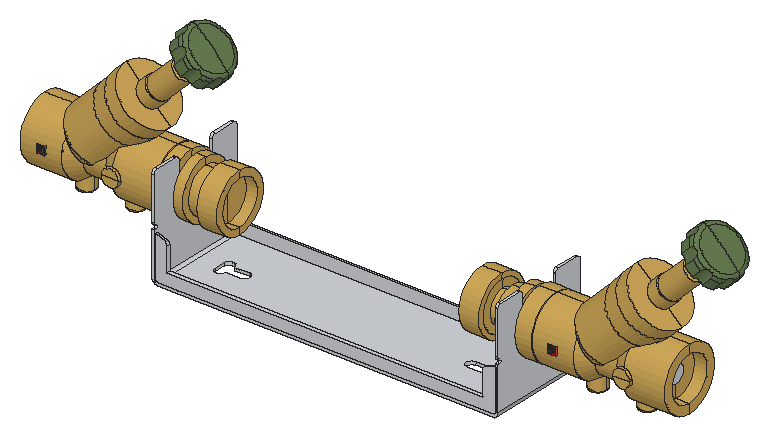
Revit family "HERZ Kit For Connection Of Water Meters 4126", category Rohrzubehör, Revit 2021
Family settings
  Bemaßung runder Anschluss = Durchmesser verwenden
  Teiletyp = Unterbricht
  OmniClass-Nummer = 23.65.55.14
  OmniClass-Titel = Valves for Liquid Services
  Arbeitsebenenbasiert = Nein
  Immer vertikal = Ja
  Beim Laden mit Abzugskörper schneiden = Nein
  Gemeinsam genutzt = Nein
Parameters
  Vorgabe-Ansicht = 0.000 mm
  Upper part = "DZR brass CC752S"  # constant formula
  Spring = "stainless steel 1.4310"  # constant formula
  Spindle seals = "double O-Ring"  # constant formula
  Sealing = "physiologically harmless material acc. to KTW"  # constant formula
  Operating pressure from the backflow preventer = "acc. to DIN EN 13959"  # constant formula
  W01 = 20.00°  # constant formula
  URL = "www.herzvalves.com"
  T03 [instance] = R02 - 3.000 mm  # 54.500 mm
  T02 = 17.000 mm  # constant formula
  T01 = 3.000 mm  # constant formula
  SW03 [instance] = size_lookup("4126W_", "SW3", 1.000 mm, Nennweite AG)  # 32.500 mm
  SW02 [instance] = size_lookup("4126W_", "SW2", 1.000 mm, Nennweite AG)  # 32.500 mm
  SW01 [instance] = size_lookup("4126W_", "SW1", 1.000 mm, Nennweite AG)  # 35.000 mm
  SC_NennweiteBerechnet = 0
  SC_Dimension = ""
  SCTWSEQ = "AW;SBT_TYP_AW=\"105\";2"
  SCTWCODE = "02;01;02"  # constant formula
  S05 [instance] = L02 + L12 - L03  # 214.500 mm
  S04 [instance] = L02 + L04 - L03  # 211.500 mm
  S03 = 10.000 mm  # constant formula
  S02 [instance] = Nennweite IG  # 50.000 mm
  S01 [instance] = L01 - L03  # 56.000 mm
  S = 3.000 mm  # constant formula
  R50 = 4.000 mm  # constant formula
  R02 [instance] = size_lookup("4126W_", "R2", 1.000 mm, Nennweite AG)  # 57.500 mm
  R01 [instance] = size_lookup("4126W_", "R1", 1.000 mm, Nennweite AG)  # 24.000 mm
  Part number [instance] = size_lookup("4126W_", "Artnr", 0, Nennweite AG)  # 2412666
  Note = "Pursuant to Article 33 of the REACH Regulation (EC No. 1907/2006), we are obliged to point out that the material lead is listed on the SVHC list and that all brass components manufactured in our products exceed 0.1% (w / w) lead (CAS: 7439-92-1 / EINECS: 231-100-4).\r\nSince lead is a component part of an alloy, actual exposure is not possible and therefore no additional information on safe use is necessary."
  Nennweite IG [instance] = size_lookup("4126W_", "DN1", 1.000 mm, Nennweite AG)  # 50.000 mm
  Nennweite AG [instance] = 50.000 mm
  Medium = "Water"  # constant formula
  Max. operating temperature = 80 °C  # constant formula
  Max. operating pressure = 1600000.0 Pa  # constant formula
  Max. differential pressure on closed seat = 1000000.0 Pa  # constant formula
  L99 [instance] = size_lookup("4126W_", "L99", 1.000 mm, Nennweite AG)  # 300.000 mm
  L15 = 2.000 mm  # constant formula
  L14 [instance] = size_lookup("4126W_", "L14", 1.000 mm, Nennweite AG)  # 64.000 mm
  L13 [instance] = size_lookup("4126W_", "L13", 1.000 mm, Nennweite AG)  # 54.500 mm
  L12 [instance] = size_lookup("4126W_", "L12", 1.000 mm, Nennweite AG)  # 39.500 mm
  L11 [instance] = size_lookup("4126W_", "L11", 1.000 mm, Nennweite AG)  # 70.000 mm
  L10 [instance] = size_lookup("4126W_", "L10", 1.000 mm, Nennweite AG)  # 15.000 mm
  L09 [instance] = size_lookup("4126W_", "L9", 1.000 mm, Nennweite AG)  # 25.500 mm
  L08 [instance] = size_lookup("4126W_", "L8", 1.000 mm, Nennweite AG)  # 13.400 mm
  L07 [instance] = size_lookup("4126W_", "L7", 1.000 mm, Nennweite AG)  # 22.000 mm
  L06 [instance] = size_lookup("4126W_", "L6", 1.000 mm, Nennweite AG)  # 25.000 mm
  L05 [instance] = size_lookup("4126W_", "L5", 1.000 mm, Nennweite AG)  # 35.500 mm
  L04 [instance] = size_lookup("4126W_", "L4", 1.000 mm, Nennweite AG)  # 36.500 mm
  L03 [instance] = size_lookup("4126W_", "L3", 1.000 mm, Nennweite AG)  # 21.000 mm
  L02 [instance] = (L00 / 2) + 1.000 mm  # 196.000 mm
  L01 [instance] = size_lookup("4126W_", "L1", 1.000 mm, Nennweite AG)  # 77.000 mm
  L00 [instance] = size_lookup("4126W_", "L", 1.000 mm, Nennweite AG)  # 390.000 mm
  Connections = "DZR brass CW262N"  # constant formula
  Hersteller = "HERZ Armaturen Ges.m.b.H."  # constant formula
  Hand wheel = "plastic, green"  # constant formula
  H01 [instance] = 75.000 mm  # constant formula
  H00 [instance] = 115.000 mm  # constant formula
  Occasional temperature rises = "up to 95°C, if they do not last longer than 1 h"  # constant formula
  G2 [instance] = Nennweite IG / 2  # 25.000 mm
  G1 [instance] = Nennweite AG / 2  # 25.000 mm
  DN50 [instance] = Nennweite AG = 50.000 mm  # yes
  DN40 [instance] = Nennweite AG = 40.000 mm  # no
  DN32 [instance] = Nennweite AG = 32.000 mm  # no
  DN25 [instance] = Nennweite AG = 25.000 mm  # no
  DN20 [instance] = Nennweite AG = 20.000 mm  # no
  D06 [instance] = size_lookup("4126W_", "D6", 1.000 mm, Nennweite AG)  # 21.500 mm
  D05 [instance] = size_lookup("4126W_", "D5", 1.000 mm, Nennweite AG)  # 27.000 mm
  D04 [instance] = size_lookup("4126W_", "D4", 1.000 mm, Nennweite AG)  # 18.200 mm
  D03 [instance] = size_lookup("4126W_", "D3", 1.000 mm, Nennweite AG)  # 25.000 mm
  D02 [instance] = size_lookup("4126W_", "D2", 1.000 mm, Nennweite AG)  # 25.000 mm
  D01 [instance] = size_lookup("4126W_", "D1", 1.000 mm, Nennweite AG)  # 22.500 mm
  Bracket = "galvanized sheet steel"  # constant formula
  Body = "DZR brass CC752S"  # constant formula
  Application = "The connection kit is used for mounting the water meter free of any tension or mechanical forces.\r\nThe HERZ – Kit for connection of water meters fulfills the requirements according to DIN 1988."
  ABvor [instance] = size_lookup("4126W_", "ABvor", 1.000 mm, Nennweite AG)  # 346.500 mm
  ABnach [instance] = size_lookup("4126W_", "ABnach", 1.000 mm, Nennweite AG)  # 349.500 mm
Reference planes
  plane 1 "Mitte (Vorne/hinten)": y = 0
  plane 2: z = 0
  plane 3 "Mitte (Links/rechts)": x = 0
Forms (mm)
  Extrusion 1, solid, detail levels fine
    sketch origin (0, 0, 0) x (1, 0, 0) y (0, 0, 1)
      loop
        line (195, 40) -> (192, 40) -> (192, -69)
        arc (192, -69) -> (191.121, -71.121) -> (189, -72) r 3
        line (189, -72) -> (-189, -72)
        arc (-189, -72) -> (-191.121, -71.121) -> (-192, -69) r 3
        line (-192, -69) -> (-192, 40) -> (-195, 40) -> (-195, -69)
        arc (-195, -69) -> (-193.243, -73.243) -> (-189, -75) r 6
        line (-189, -75) -> (189, -75)
        arc (189, -75) -> (193.243, -73.243) -> (195, -69) r 6
        line (195, -69) -> (195, 40)
    from -57.5 to 57.5
  Extrusion 2, solid, detail levels fine
    sketch origin (0, 0, 0) x (1, 0, 0) y (0, 0, 1)
      loop
        line (-192, -23.301) -> (-192, -69)
        arc (-192, -69) -> (-191.121, -71.121) -> (-189, -72) r 3
        line (-189, -72) -> (189, -72)
        arc (189, -72) -> (191.121, -71.121) -> (192, -69) r 3
        line (192, -69) -> (192, -23.301) -> (180.632, -27.439)
        arc (180.632, -27.439) -> (178.723, -28.904) -> (178, -31.198) r 4
        line (178, -31.198) -> (178, -58) -> (-178, -58) -> (-178, -31.198)
        arc (-178, -31.198) -> (-178.723, -28.904) -> (-180.632, -27.439) r 4
        line (-180.632, -27.439) -> (-192, -23.301)
    from -57.5 to -54.5
  Extrusion 3, void
    sketch origin (0, 0, 0) x (0, 1, 0) y (0, 0, 1)
      loop
        arc (-24, 0) -> (0, -24) -> (24, 0) r 24
        line (24, 0) -> (24, 36)
        arc (24, 36) -> (25.172, 38.828) -> (28, 40) r 4
        line (28, 40) -> (53.5, 40)
        arc (53.5, 40) -> (56.328, 38.828) -> (57.5, 36) r 4
        line (57.5, 36) -> (57.5, -13)
        arc (57.5, -13) -> (56.621, -15.121) -> (54.5, -16) r 3
        arc (54.5, -16) -> (52.5, -18) -> (54.5, -20) r 2
        line (54.5, -20) -> (65.5, -20) -> (65.5, 45) -> (-65.5, 45) -> (-65.5, -20) -> (-54.5, -20)
        arc (-54.5, -20) -> (-52.5, -18) -> (-54.5, -16) r 2
        arc (-54.5, -16) -> (-56.621, -15.121) -> (-57.5, -13) r 3
        line (-57.5, -13) -> (-57.5, 36)
        arc (-57.5, 36) -> (-56.328, 38.828) -> (-53.5, 40) r 4
        line (-53.5, 40) -> (-28, 40)
        arc (-28, 40) -> (-25.172, 38.828) -> (-24, 36) r 4
        line (-24, 36) -> (-24, 0)
    from 300 to -300
  Extrusion 4, void
    sketch origin (0, 0, 0) x (1, 0, 0) y (0, 1, 0)
      loop
        arc (119.097, 6.1) -> (112.997, 0) -> (119.097, -6.1) r 6.1
        line (119.097, -6.1) -> (158.897, -6.1)
        arc (158.897, -6.1) -> (164.997, 0) -> (158.897, 6.1) r 6.1
        line (158.897, 6.1) -> (119.097, 6.1)
      loop
        line (-165, 6.1) -> (-165, -6.1)
        arc (-165, -6.1) -> (-158.9, -12.2) -> (-152.8, -6.1) r 6.1
        line (-152.8, -6.1) -> (-136.1, -6.1)
        arc (-136.1, -6.1) -> (-130, 0) -> (-136.1, 6.1) r 6.1
        line (-136.1, 6.1) -> (-152.8, 6.1)
        arc (-152.8, 6.1) -> (-158.9, 12.2) -> (-165, 6.1) r 6.1
    from -75 to -72
  Revolve 5, solid, material "Messing, weicher Gelbton, geschweißt", detail levels fine
    sketch origin (0, 0, 0) x (1, 0, 0) y (0, 0, 1)
      loop
        line (-232.5, 0) -> (-155.5, 0) -> (-155.5, 25) -> (-180.5, 25) -> (-180.5, 32.5) -> (-191, 32.5) -> (-191, 22.5) -> (-196, 22.5) -> (-196, 35) -> (-211.5, 35) -> (-211.5, 25) -> (-232.5, 25) -> (-232.5, 0)
      axis (-232.5, 0) -> (-155.5, 0)
    angle from 0 to 360
  Revolve 6, solid, material "Messing, weicher Gelbton, geschweißt", detail levels fine
    sketch origin (0, 0, 0) x (1, 0, 0) y (0, 0, 1)
      loop
        line (-164.1, 0) -> (-155.5, 0) -> (-155.5, 25) -> (-142.1, 25) -> (-142.1, 32.5) -> (-164.1, 32.5) -> (-164.1, 0)
      axis (-164.1, 0) -> (-142.1, 0)
    angle from 0 to 360
  Revolve 7, solid, material "Messing, weicher Gelbton, geschweißt", detail levels fine
    sketch origin (0, 0, 0) x (-1, 0, 0) y (0, 0, 1)
      loop
        line (-235.5, 0) -> (-198, 0) -> (-198, 18.2) -> (-165.5, 18.2) -> (-165.5, 25) -> (-180.5, 25) -> (-180.5, 32.5) -> (-191, 32.5) -> (-191, 22.5) -> (-196, 22.5) -> (-196, 35) -> (-214.5, 35) -> (-214.5, 25) -> (-235.5, 25) -> (-235.5, 0)
      axis (-235.5, 0) -> (-165.5, 0)
    angle from 0 to 360
  Revolve 8, solid, material "Messing, weicher Gelbton, geschweißt", detail levels fine
    sketch origin (0, 0, 0) x (1, 0, 0) y (0, 0, 1)
      loop
        line (208.5, 0) -> (208.5, 18.2) -> (154, 18.2) -> (154, 27) -> (146.5, 27) -> (146.5, 21.5) -> (144.5, 21.5) -> (144.5, 0) -> (208.5, 0)
      axis (144.5, 0) -> (208.5, 0)
    angle from 0 to 360
  Revolve 9, solid, material "Messing, weicher Gelbton, geschweißt", detail levels fine
    sketch origin (-18.22, 0, 0) x (-1, 0, 0) y (0, 0, 1)
      loop
        line (-171.32, 0) -> (-162.72, 0) -> (-162.72, 25) -> (-149.32, 25) -> (-149.32, 32.5) -> (-171.32, 32.5) -> (-171.32, 0)
      axis (-171.32, 0) -> (-149.32, 0)
    angle from 0 to 360
  Extrusion 10, solid, detail levels fine
    sketch origin (0, 0, 0) x (1, 0, 0) y (0, 0, 1)
      loop
        line (-192, -23.301) -> (-192, -69)
        arc (-192, -69) -> (-191.121, -71.121) -> (-189, -72) r 3
        line (-189, -72) -> (189, -72)
        arc (189, -72) -> (191.121, -71.121) -> (192, -69) r 3
        line (192, -69) -> (192, -23.301) -> (180.632, -27.439)
        arc (180.632, -27.439) -> (178.723, -28.904) -> (178, -31.198) r 4
        line (178, -31.198) -> (178, -58) -> (-178, -58) -> (-178, -31.198)
        arc (-178, -31.198) -> (-178.723, -28.904) -> (-180.632, -27.439) r 4
        line (-180.632, -27.439) -> (-192, -23.301)
    from 54.5 to 57.5
  Extrusion 11, solid, detail levels fine
    sketch origin (55, 0, 0) x (0, 1, 0) y (0, 0, -1)
      loop
        circle (0, 0) r 10
    from 398.5 to 401.5
  Extrusion 12, solid, detail levels fine
    sketch origin (125, 0, 0) x (0, 1, 0) y (0, 0, -1)
      loop
        circle (0, 0) r 10
    from -224.5 to -221.5
Cuts and joins
  Extrusion 3, Extrusion 4 cuts Extrusion 1
Lines and regions (mm)
  model lines, detail levels coarse+medium
    curve 1: line (-211.5, 0, 0) -> (-155.5, 0, 0)
    curve 2: line (-155.5, 0, 25) -> (-155.5, 0, -25)
    curve 3: line (-155.5, 0, 25) -> (-165.5, 0, 25)
    curve 4: line (-165.5, 0, 25) -> (-155.5, 0, 0)
    curve 5: line (-155.5, 0, -25) -> (-165.5, 0, -25)
    curve 6: line (-165.5, 0, -25) -> (-155.5, 0, 0)
    curve 7: line (144.5, 0, 25) -> (144.5, 0, -25)
    curve 8: line (144.5, 0, 25) -> (154.5, 0, 25)
    curve 9: line (154.5, 0, 25) -> (144.5, 0, 0)
    curve 10: line (144.5, 0, -25) -> (154.5, 0, -25)
    curve 11: line (154.5, 0, -25) -> (144.5, 0, 0)
    curve 12: line (214.5, 0, 0) -> (144.5, 0, 0)
    curve 13: line (144.5, -25, 0) -> (144.5, 25, 0)
    curve 14: line (144.5, 25, 0) -> (154.5, 25, 0)
    curve 15: line (154.5, 25, 0) -> (144.5, 0, 0)
    curve 16: line (144.5, -25, 0) -> (154.5, -25, 0)
    curve 17: line (154.5, -25, 0) -> (144.5, 0, 0)
    curve 18: line (-155.5, -25, 0) -> (-155.5, 25, 0)
    curve 19: line (-155.5, 25, 0) -> (-165.5, 25, 0)
    curve 20: line (-165.5, 25, 0) -> (-155.5, 0, 0)
    curve 21: line (-155.5, -25, 0) -> (-165.5, -25, 0)
    curve 22: line (-165.5, -25, 0) -> (-155.5, 0, 0)
Dimensions and locks
  "H00": Extrusion 1 sketch curve to Extrusion 1 sketch curve  (x2)
  "T01": Extrusion 1 sketch curve to Extrusion 1 sketch curve  (x3)
  "L00": Extrusion 1 sketch curve to Extrusion 1 sketch curve
  equal spacing: Extrusion 1 sketch curve, plane 3 "Mitte (Links/rechts)", Extrusion 1 sketch curve
  "H01": plane 2 to Extrusion 1 sketch curve
  "T02": Extrusion 2 sketch curve to Extrusion 1
  "T02": Extrusion 1 to Extrusion 2 sketch curve  (x2)
  Extrusion 4 sketch curve to cut or joined group of Extrusion 1, Extrusion 3, Extrusion 4 = 36.103 mm
  Extrusion 4 sketch curve to Extrusion 4 sketch curve = 39.800 mm
  equal spacing: Extrusion 4 sketch curve, plane 1 "Mitte (Vorne/hinten)", Extrusion 4 sketch curve
  Extrusion 4 sketch curve to Extrusion 4 sketch curve = 12.200 mm
  cut or joined group of Extrusion 1, Extrusion 3, Extrusion 4 to Extrusion 4 sketch curve = 36.100 mm
  cut or joined group of Extrusion 1, Extrusion 3, Extrusion 4 to Extrusion 4 sketch curve = 58.900 mm
  "G1": Revolve 5 sketch curve to Revolve 5 sketch curve
  "L03": Revolve 5 sketch curve to Revolve 5 sketch curve
  "L01": Revolve 5 sketch curve to Revolve 5 sketch curve
  "L02": plane 3 "Mitte (Links/rechts)" to Revolve 5 sketch curve
  "SW01": Revolve 5 sketch curve to Revolve 5 sketch curve
  "SW02": Revolve 5 sketch curve to Revolve 5 sketch curve
  "D01": Revolve 5 sketch curve to Revolve 5 sketch curve
  "L04": Revolve 5 sketch curve to Revolve 5 sketch curve
  "L05": Revolve 5 sketch curve to Revolve 5 sketch curve
  "L06": Revolve 5 sketch curve to Revolve 5 sketch curve
  "D02": Revolve 5 sketch curve to Revolve 5 sketch curve
  "L07": Revolve 6 sketch curve to Revolve 6 sketch curve
  "SW03": Revolve 6 sketch curve to plane 2
  "G2": Revolve 6 sketch curve to plane 2
  "L08": Revolve 6 sketch curve to Revolve 5
  "L08": Revolve 6 sketch curve to Revolve 6 sketch curve
  "G1": Revolve 7 sketch curve to Revolve 7 sketch curve
  "L03": Revolve 7 sketch curve to Revolve 7 sketch curve
  "L11": Revolve 7 sketch curve to Revolve 7 sketch curve
  "SW01": Revolve 7 sketch curve to Revolve 7 sketch curve
  "SW02": Revolve 7 sketch curve to Revolve 7 sketch curve
  "D01": Revolve 7 sketch curve to Revolve 7 sketch curve
  "L12": Revolve 7 sketch curve to Revolve 7 sketch curve
  "L09": Revolve 7 sketch curve to Revolve 7 sketch curve
  "L10": Revolve 7 sketch curve to Revolve 7 sketch curve
  "D03": Revolve 7 sketch curve to Revolve 7 sketch curve
  "L02": plane 3 "Mitte (Links/rechts)" to Revolve 7 sketch curve
  "D04": Revolve 7 sketch curve to plane 2
  "D04": Revolve 8 sketch curve to Revolve 8 sketch curve
  "L13": Revolve 8 sketch curve to Revolve 8 sketch curve
  "L14": Revolve 8 sketch curve to Revolve 8 sketch curve
  "L15": Revolve 8 sketch curve to Revolve 8 sketch curve
  "D05": Revolve 8 sketch curve to Revolve 8 sketch curve
  "D06": Revolve 8 sketch curve to Revolve 8 sketch curve
  "L99": Revolve 5 to Revolve 8
  "L07": Revolve 9 sketch curve to Revolve 9 sketch curve
  "L08": Revolve 9 sketch curve to Revolve 9 sketch curve
  "L08": Revolve 8 to Revolve 9 sketch curve
  "T03": plane 1 "Mitte (Vorne/hinten)" to Extrusion 2
  "R02": cut or joined group of Extrusion 1, Extrusion 3, Extrusion 4 to plane 1 "Mitte (Vorne/hinten)" to cut or joined group of Extrusion 1, Extrusion 3, Extrusion 4
  "R02": plane 1 "Mitte (Vorne/hinten)" to Extrusion 2
  "R02": Extrusion 3 sketch curve to plane 1 "Mitte (Vorne/hinten)" to Extrusion 3 sketch curve
  "R01": Extrusion 3 sketch curve to plane 1 "Mitte (Vorne/hinten)" to Extrusion 3 sketch curve
  "T02": cut or joined group of Extrusion 1, Extrusion 3, Extrusion 4 to Extrusion 10 sketch curve  (x2)
  "T02": Extrusion 10 sketch curve to cut or joined group of Extrusion 1, Extrusion 3, Extrusion 4
  "T03": Extrusion 10 to plane 1 "Mitte (Vorne/hinten)"
  "R02": Extrusion 10 to plane 1 "Mitte (Vorne/hinten)"
  "G2": Revolve 9 sketch curve to plane 2
  "SW03": Revolve 9 sketch curve to level
  "S01": curve 1 to curve 1
  equal spacing: curve 2, plane 2, curve 2
  "S02": curve 2 to curve 2
  "S03": curve 4 to curve 2
  "S04": plane 3 "Mitte (Links/rechts)" to curve 1
  "S03": curve 6 to curve 2
  equal spacing: curve 7, plane 2, curve 7
  "S02": curve 7 to curve 7
  "S03": curve 9 to curve 7
  "S03": curve 11 to curve 7
  "S05": curve 12 to plane 3 "Mitte (Links/rechts)"
  "L99": curve 12 to curve 6
  equal spacing: curve 13, plane 1 "Mitte (Vorne/hinten)", curve 13
  "S02": curve 13 to curve 13
  "S03": curve 13 to curve 15
  "S03": curve 13 to curve 17
  equal spacing: curve 18, plane 1 "Mitte (Vorne/hinten)", curve 18
  "S02": curve 18 to curve 18
  "S03": curve 18 to curve 20
  "S03": curve 18 to curve 22
  "L99": curve 18 to Revolve 9
  "L99": Revolve 6 to curve 13
  "ABnach": Extrusion 12 to plane 3 "Mitte (Links/rechts)"
  "ABvor": plane 3 "Mitte (Links/rechts)" to Extrusion 11
  "S": Extrusion 11 to Extrusion 11
  "S": Extrusion 12 to Extrusion 12
  radius of Extrusion 4 sketch curve = 6.100 mm  (x3)
  "R50": radius of Extrusion 3 sketch curve  (x4)
  "W01": angle Extrusion 2 sketch curve to plane 2
  "W01": angle plane 2 to Extrusion 2 sketch curve
  "W01": angle Extrusion 10 sketch curve to plane 2
  "W01": angle plane 2 to Extrusion 10 sketch curve
  aligned and locked: level to plane 2
Automatic sketch dimensions
  plane 1 "Mitte (Vorne/hinten)" to Extrusion 4 sketch curve = 0.000 mm
  Extrusion 4 sketch curve to Extrusion 4 sketch curve = 0.000 mm  (x2)
  Extrusion 4 sketch curve to Extrusion 4 sketch curve = 6.100 mm
  Revolve 5 sketch curve to level = 0.000 mm  (x2)
  Revolve 5 sketch curve to Revolve 5 sketch curve = 1448.205 mm
  plane 3 "Mitte (Links/rechts)" to Revolve 5 sketch curve = 1739.472 mm
  Revolve 6 sketch curve to level = 0.000 mm  (x2)
  Revolve 6 sketch curve to Revolve 6 sketch curve = 1428.686 mm
  plane 3 "Mitte (Links/rechts)" to Revolve 6 sketch curve = 1839.148 mm
  Revolve 7 sketch curve to level = 0.000 mm  (x2)
  Revolve 7 sketch curve to Revolve 7 sketch curve = 2.000 mm
  Revolve 7 sketch curve to Revolve 7 sketch curve = 1448.205 mm
  plane 3 "Mitte (Links/rechts)" to Revolve 7 sketch curve = 1739.472 mm
  Revolve 9 sketch curve to level = 0.000 mm  (x2)
  Revolve 9 sketch curve to Revolve 9 sketch curve = 1428.686 mm
  plane 3 "Mitte (Links/rechts)" to Revolve 9 sketch curve = 1857.367 mm
  Extrusion 11 sketch curve to level = 0.000 mm
  Extrusion 11 sketch curve to plane 1 "Mitte (Vorne/hinten)" = 0.000 mm
  Extrusion 12 sketch curve to level = 0.000 mm
  Extrusion 12 sketch curve to plane 1 "Mitte (Vorne/hinten)" = 0.000 mm
  curve 12 to level = 0.000 mm
  curve 1 to level = 0.000 mm
  plane 1 "Mitte (Vorne/hinten)" to curve 15 = 0.000 mm
  plane 1 "Mitte (Vorne/hinten)" to curve 17 = 0.000 mm
  plane 1 "Mitte (Vorne/hinten)" to curve 20 = 0.000 mm
  plane 1 "Mitte (Vorne/hinten)" to curve 22 = 0.000 mm
  Extrusion 1 sketch curve to Extrusion 1 sketch curve = 0.000 mm  (x2)
  Extrusion 1 sketch curve to Extrusion 1 sketch curve = 3.000 mm  (x2)
  Extrusion 2 sketch curve to level = 27.439 mm  (x2)
  Extrusion 2 sketch curve to Extrusion 2 sketch curve = 2.632 mm  (x2)
  Extrusion 2 sketch curve to Extrusion 2 sketch curve = 4.000 mm  (x2)
  Extrusion 2 sketch curve to Extrusion 2 sketch curve = 11.000 mm  (x3)
  Extrusion 2 sketch curve to Extrusion 2 sketch curve = 11.368 mm
  Extrusion 2 sketch curve to level = 23.301 mm
  Extrusion 3 sketch curve to level = 0.000 mm
  Extrusion 3 sketch curve to Extrusion 3 sketch curve = 8.000 mm  (x2)
  Extrusion 3 sketch curve to Extrusion 3 sketch curve = 3.000 mm  (x2)
  Extrusion 3 sketch curve to level = 13.000 mm  (x2)
  Extrusion 3 sketch curve to Extrusion 3 sketch curve = 2.000 mm  (x3)
  Extrusion 3 sketch curve to Extrusion 3 sketch curve = 7.000 mm
  level to Extrusion 3 sketch curve = 36.000 mm  (x2)
  Extrusion 3 sketch curve to Extrusion 3 sketch curve = 9.000 mm
  Revolve 8 sketch curve to level = 0.000 mm  (x2)
  plane 3 "Mitte (Links/rechts)" to Revolve 8 sketch curve = 144.500 mm
  Revolve 8 sketch curve to plane 3 "Mitte (Links/rechts)" = 1506.530 mm
  Revolve 8 sketch curve to Revolve 8 sketch curve = 1759.148 mm
  Extrusion 10 sketch curve to level = 27.439 mm  (x2)
  Extrusion 10 sketch curve to Extrusion 10 sketch curve = 2.632 mm  (x2)
  Extrusion 10 sketch curve to Extrusion 10 sketch curve = 1.368 mm
  Extrusion 10 sketch curve to Extrusion 10 sketch curve = 11.000 mm  (x3)
  Extrusion 10 sketch curve to level = 23.301 mm
  Extrusion 10 sketch curve to Extrusion 10 sketch curve = 4.000 mm
  Extrusion 10 sketch curve to Extrusion 10 sketch curve = 11.368 mm
  radius of Extrusion 11 sketch curve = 10.000 mm
  radius of Extrusion 12 sketch curve = 10.000 mm
Nested families
  nested 1: "Rückflussverhinderer 4126" at (-182.5, 0, 0), visible <- "DN20", type "Rückflussverhinderer 4126"
    with S02 95.900 mm, S01 32.000 mm, R12 15.000 mm, R11 5.400 mm, R10 8.500 mm, R09 11.750 mm, R08 13.000 mm, R07 16.500 mm, R06 14.600 mm, R05 10.000 mm, R04 9.500 mm, R02 10.000 mm, R01 16.000 mm, Nennweite 20.000 mm, L16 12.000 mm, L15 12.400 mm, L14 8.000 mm, L12 33.500 mm, L11 12.500 mm, L10 11.000 mm, L09 15.500 mm, L08 30.100 mm, L07 13.500 mm, L06 34.500 mm, L05 26.500 mm, L04 25.500 mm, L02 8.000 mm, L01 24.000 mm, L00 75.000 mm, H01 26.400 mm, DN50 no, DN40 no, DN32 no, DN25-DN50 no, DN25 no, DN20 yes, DN15 no, Bestellnummer 2412602
  nested 2: "Rückflussverhinderer 4126" at (183.5, 0, 0), visible <- "DN20", type "Rückflussverhinderer 4126"
    with S02 95.900 mm, S01 32.000 mm, R12 15.000 mm, R11 5.400 mm, R10 8.500 mm, R09 11.750 mm, R08 13.000 mm, R07 16.500 mm, R06 14.600 mm, R05 10.000 mm, R04 9.500 mm, R02 10.000 mm, R01 16.000 mm, Nennweite 20.000 mm, L16 12.000 mm, L15 12.400 mm, L14 8.000 mm, L12 33.500 mm, L11 12.500 mm, L10 11.000 mm, L09 15.500 mm, L08 30.100 mm, L07 13.500 mm, L06 34.500 mm, L05 26.500 mm, L04 25.500 mm, L02 8.000 mm, L01 24.000 mm, L00 75.000 mm, H01 26.400 mm, DN50 no, DN40 no, DN32 no, DN25-DN50 no, DN25 no, DN20 yes, DN15 no, Bestellnummer 2412602
  nested 3: "Rückflussverhinderer 4126" at (-190, 0, 0), visible <- "DN25", type "Rückflussverhinderer 4126"
    with S02 113.800 mm, S01 41.000 mm, R12 19.500 mm, R11 6.000 mm, R10 9.000 mm, R09 12.750 mm, R08 14.000 mm, R07 20.000 mm, R06 17.750 mm, R05 12.500 mm, R04 9.500 mm, R02 12.500 mm, R01 20.500 mm, Nennweite 25.000 mm, L16 13.500 mm, L15 12.400 mm, L14 12.000 mm, L12 43.400 mm, L11 22.400 mm, L10 11.000 mm, L09 19.500 mm, L08 34.000 mm, L07 18.000 mm, L06 38.500 mm, L05 25.500 mm, L04 25.500 mm, L02 11.000 mm, L01 27.000 mm, L00 90.000 mm, H01 32.000 mm, DN50 no, DN40 no, DN32 no, DN25-DN50 yes, DN25 yes, DN20 no, DN15 no, Bestellnummer 2412603
  nested 4: "Rückflussverhinderer 4126" at (191, 0, 0), visible <- "DN25", type "Rückflussverhinderer 4126"
    with S02 113.800 mm, S01 41.000 mm, R12 19.500 mm, R11 6.000 mm, R10 9.000 mm, R09 12.750 mm, R08 14.000 mm, R07 20.000 mm, R06 17.750 mm, R05 12.500 mm, R04 9.500 mm, R02 12.500 mm, R01 20.500 mm, Nennweite 25.000 mm, L16 13.500 mm, L15 12.400 mm, L14 12.000 mm, L12 43.400 mm, L11 22.400 mm, L10 11.000 mm, L09 19.500 mm, L08 34.000 mm, L07 18.000 mm, L06 38.500 mm, L05 25.500 mm, L04 25.500 mm, L02 11.000 mm, L01 27.000 mm, L00 90.000 mm, H01 32.000 mm, DN50 no, DN40 no, DN32 no, DN25-DN50 yes, DN25 yes, DN20 no, DN15 no, Bestellnummer 2412603
  nested 5: "Rückflussverhinderer 4126" at (-200, 0, 0), visible <- "DN32", type "Rückflussverhinderer 4126"
    with S02 129.700 mm, S01 50.000 mm, R12 24.000 mm, R11 6.000 mm, R10 9.000 mm, R09 12.750 mm, R08 14.000 mm, R07 25.000 mm, R06 24.000 mm, R05 16.000 mm, R04 9.500 mm, R02 16.000 mm, R01 25.000 mm, Nennweite 32.000 mm, L16 16.500 mm, L15 12.400 mm, L14 12.000 mm, L12 47.300 mm, L11 26.300 mm, L10 11.000 mm, L09 10.000 mm, L08 52.700 mm, L07 20.000 mm, L06 60.000 mm, L05 28.600 mm, L04 27.500 mm, L02 7.500 mm, L01 33.000 mm, L00 110.000 mm, H01 39.000 mm, DN50 no, DN40 no, DN32 yes, DN25-DN50 yes, DN25 no, DN20 no, DN15 no, Bestellnummer 2412604
  nested 6: "Rückflussverhinderer 4126" at (201, 0, 0), visible <- "DN32", type "Rückflussverhinderer 4126"
    with S02 129.700 mm, S01 50.000 mm, R12 24.000 mm, R11 6.000 mm, R10 9.000 mm, R09 12.750 mm, R08 14.000 mm, R07 25.000 mm, R06 24.000 mm, R05 16.000 mm, R04 9.500 mm, R02 16.000 mm, R01 25.000 mm, Nennweite 32.000 mm, L16 16.500 mm, L15 12.400 mm, L14 12.000 mm, L12 47.300 mm, L11 26.300 mm, L10 11.000 mm, L09 10.000 mm, L08 52.700 mm, L07 20.000 mm, L06 60.000 mm, L05 28.600 mm, L04 27.500 mm, L02 7.500 mm, L01 33.000 mm, L00 110.000 mm, H01 39.000 mm, DN50 no, DN40 no, DN32 yes, DN25-DN50 yes, DN25 no, DN20 no, DN15 no, Bestellnummer 2412604
  nested 7: "Rückflussverhinderer 4126" at (-274.5, 0, 0), visible <- "DN40", type "Rückflussverhinderer 4126"
    with S02 143.400 mm, S01 55.000 mm, R12 26.500 mm, R11 6.000 mm, R10 9.000 mm, R09 12.750 mm, R08 14.000 mm, R07 28.500 mm, R06 27.000 mm, R05 20.000 mm, R04 9.500 mm, R02 20.000 mm, R01 27.500 mm, Nennweite 40.000 mm, L16 19.000 mm, L15 12.400 mm, L14 14.000 mm, L12 50.000 mm, L11 28.000 mm, L10 12.000 mm, L09 15.000 mm, L08 51.500 mm, L07 21.000 mm, L06 66.000 mm, L05 32.000 mm, L04 31.000 mm, L02 9.000 mm, L01 38.000 mm, L00 120.000 mm, H01 40.000 mm, DN50 no, DN40 yes, DN32 no, DN25-DN50 yes, DN25 no, DN20 no, DN15 no, Bestellnummer 2412605
  nested 8: "Rückflussverhinderer 4126" at (274.5, 0, 0), visible <- "DN40", type "Rückflussverhinderer 4126"
    with S02 143.400 mm, S01 55.000 mm, R12 26.500 mm, R11 6.000 mm, R10 9.000 mm, R09 12.750 mm, R08 14.000 mm, R07 28.500 mm, R06 27.000 mm, R05 20.000 mm, R04 9.500 mm, R02 20.000 mm, R01 27.500 mm, Nennweite 40.000 mm, L16 19.000 mm, L15 12.400 mm, L14 14.000 mm, L12 50.000 mm, L11 28.000 mm, L10 12.000 mm, L09 15.000 mm, L08 51.500 mm, L07 21.000 mm, L06 66.000 mm, L05 32.000 mm, L04 31.000 mm, L02 9.000 mm, L01 38.000 mm, L00 120.000 mm, H01 40.000 mm, DN50 no, DN40 yes, DN32 no, DN25-DN50 yes, DN25 no, DN20 no, DN15 no, Bestellnummer 2412605
  nested 9: "Rückflussverhinderer 4126" at (-286.5, 0, 0), visible <- "DN50", type "Rückflussverhinderer 4126"
    with S02 182.900 mm, S01 70.000 mm, R12 34.000 mm, R11 6.000 mm, R10 9.000 mm, R09 13.000 mm, R08 14.000 mm, R07 35.000 mm, R06 33.500 mm, R05 25.000 mm, R04 9.500 mm, R02 25.000 mm, R01 35.000 mm, Nennweite 50.000 mm, L16 23.500 mm, L15 12.400 mm, L14 19.000 mm, L12 66.500 mm, L11 41.000 mm, L10 15.500 mm, L09 17.500 mm, L08 66.000 mm, L07 31.500 mm, L06 86.500 mm, L05 36.500 mm, L04 37.500 mm, L02 13.000 mm, L01 47.000 mm, L00 150.000 mm, H01 45.000 mm, DN50 yes, DN40 no, DN32 no, DN25-DN50 yes, DN25 no, DN20 no, DN15 no, Bestellnummer 2412606
  nested 10: "Rückflussverhinderer 4126" at (289.5, 0, 0), visible <- "DN50", type "Rückflussverhinderer 4126"
    with S02 182.900 mm, S01 70.000 mm, R12 34.000 mm, R11 6.000 mm, R10 9.000 mm, R09 13.000 mm, R08 14.000 mm, R07 35.000 mm, R06 33.500 mm, R05 25.000 mm, R04 9.500 mm, R02 25.000 mm, R01 35.000 mm, Nennweite 50.000 mm, L16 23.500 mm, L15 12.400 mm, L14 19.000 mm, L12 66.500 mm, L11 41.000 mm, L10 15.500 mm, L09 17.500 mm, L08 66.000 mm, L07 31.500 mm, L06 86.500 mm, L05 36.500 mm, L04 37.500 mm, L02 13.000 mm, L01 47.000 mm, L00 150.000 mm, H01 45.000 mm, DN50 yes, DN40 no, DN32 no, DN25-DN50 yes, DN25 no, DN20 no, DN15 no, Bestellnummer 2412606
Connectors
  piping at (-346.5, 0, 0), diameter 50, driven by "Nennweite AG"
    settings: on Extrusion 11, index 1, connector inside diameter 609.6 mm, connector length 0.000 mm, flow factor 0, pipe flow 0.0 L/s, pressure drop 0.0 Pa, fitting loss kfactor 0, connector angle 0.00°, fixture units 0, engagement length 0.000 mm, angle of deflection 0.00°, flow configuration 0, flow direction 1, fitting loss method 0, system type 20, joint type 0, gender type 0, connector reference index -1, connector utility 0, adjustable connector no, is connector primary yes, connector description ""
  piping at (349.5, 0, 0), diameter 50, driven by "Nennweite AG"
    settings: on Extrusion 12, index 2, connector inside diameter 609.6 mm, connector length 0.000 mm, flow factor 0, pipe flow 0.0 L/s, pressure drop 0.0 Pa, fitting loss kfactor 0, connector angle 0.00°, fixture units 0, engagement length 0.000 mm, angle of deflection 0.00°, flow configuration 0, flow direction 2, fitting loss method 0, system type 20, joint type 0, gender type 0, connector reference index -1, connector utility 0, adjustable connector no, is connector primary no, connector description ""
Definition of nested family "Rückflussverhinderer 4126"
  Parameters (values of type "Rückflussverhinderer 4126")
    W01 = 45.00°  # constant formula
    Default Elevation = 0.000 mm
    URL = "www.herz-armaturen.at"
    Spindel = "geschmiedetes Messing CW617N"  # constant formula
    SW01 = 60.00°  # constant formula
    SC_NennweiteBerechnet = 0
    SC_Dimension = ""
    SCTWSEQ = "FW;SBT_TYP_FW=\"109\";2"
    SCTWCODE = "04;00;02"  # constant formula
    S03 = 60.000 mm  # constant formula
    S02 [instance] = L06 + L09 + L12 + L15  # 95.900 mm
    S01 [instance] = R01 * 2  # 32.000 mm
    R12 [instance] = R01 - 1.000 mm  # 15.000 mm
    R11 [instance] = size_lookup("4126_", "R11", 46.500 mm, Nennweite)  # 5.400 mm
    R100 = 1.000 mm  # constant formula
    R10 [instance] = size_lookup("4126_", "R10", 46.500 mm, Nennweite)  # 8.500 mm
    R09 [instance] = size_lookup("4126_", "R9", 46.500 mm, Nennweite)  # 11.750 mm
    R08 [instance] = size_lookup("4126_", "R8", 46.500 mm, Nennweite)  # 13.000 mm
    R07 [instance] = size_lookup("4126_", "R7", 46.500 mm, Nennweite)  # 16.500 mm
    R06 [instance] = size_lookup("4126_", "R6", 43.000 mm, Nennweite)  # 14.600 mm
    R05 [instance] = Nennweite / 2  # 10.000 mm
    R04 [instance] = size_lookup("4126_", "R4", 11.500 mm, Nennweite)  # 9.500 mm
    R03 = 9.500 mm  # constant formula
    R02 [instance] = Nennweite / 2  # 10.000 mm
    R01 [instance] = size_lookup("4126_", "R1", 11.500 mm, Nennweite)  # 16.000 mm
    Nennweite [instance] = 20.000 mm
    Max.Betriebstemperatur = 80 °C  # constant formula
    Max.Betriebsdruck = 1600000.0 Pa  # constant formula
    L16 [instance] = L01 / 2  # 12.000 mm
    L15 [instance] = size_lookup("4126_", "L15", 12.400 mm, Nennweite)  # 12.400 mm
    L14 [instance] = size_lookup("4126_", "L14", 81.000 mm, Nennweite)  # 8.000 mm
    L12 [instance] = size_lookup("4126_", "L12", 81.000 mm, Nennweite)  # 33.500 mm
    L11 [instance] = size_lookup("4126_", "L11", 60.000 mm, Nennweite)  # 12.500 mm
    L10 [instance] = size_lookup("4126_", "L10", 20.000 mm, Nennweite)  # 11.000 mm
    L09 [instance] = size_lookup("4126_", "L9", 11.000 mm, Nennweite)  # 15.500 mm
    L08 [instance] = size_lookup("4126_", "L8", 35.000 mm, Nennweite)  # 30.100 mm
    L07 [instance] = size_lookup("4126_", "L7", 35.000 mm, Nennweite)  # 13.500 mm
    L06 [instance] = size_lookup("4126_", "L6", 118.000 mm, Nennweite) - L09  # 34.500 mm
    L05 [instance] = size_lookup("4126_", "L5", 44.000 mm, Nennweite)  # 26.500 mm
    L04 [instance] = size_lookup("4126_", "L4", 45.000 mm, Nennweite)  # 25.500 mm
    L03 = 15.000 mm  # constant formula
    L02 [instance] = size_lookup("4126_", "L2", 22.000 mm, Nennweite)  # 8.000 mm
    L01 [instance] = size_lookup("4126_", "L1", 48.000 mm, Nennweite)  # 24.000 mm
    L00 [instance] = size_lookup("4126_", "L", 180.000 mm, Nennweite)  # 75.000 mm
    Kegel = "geschmiedetes Messing CW617N"  # constant formula
    Manufacturer = "Herz-Armaturen GmbH"  # constant formula
    Handrad = "Kunststoff, grün"  # constant formula
    H01 [instance] = size_lookup("4126_", "H1", 53.000 mm, Nennweite)  # 26.400 mm
    Gehäuse = "entzinkungsbeständiges Gussmessing CC770S"  # constant formula
    DN50 [instance] = Nennweite = 50.000 mm  # no
    DN40 [instance] = Nennweite = 40.000 mm  # no
    DN32 [instance] = Nennweite = 32.000 mm  # no
    DN25-DN50 [instance] = or(Nennweite = 25.000 mm, Nennweite = 32.000 mm, Nennweite = 40.000 mm, Nennweite = 50.000 mm)  # no
    DN25 [instance] = Nennweite = 25.000 mm  # no
    DN20 [instance] = Nennweite = 20.000 mm  # yes
    DN15 [instance] = Nennweite = 15.000 mm  # no
    Bestellnummer [instance] = size_lookup("4126_", "Artnr", 0, Nennweite)  # 2412602
    Anwendungsgebiet = "Zum Absperren von Trinkwasserleitungen und -anlagen in Gebäuden\r\nMax. Betreibstemp.: 80°C (gelegentlicher Temperaturansteig bis 95°C sind zulässig, wenn sie nicht länger als 1h andauern)\r\nMax. Betiebsdruck: 10bar"
  Reference planes
    plane 1 "Mitte (Vorne/hinten)": y = 0
    plane 2: z = 0
    plane 3 "Mitte (Links/rechts)": x = 0
  Forms (mm)
    Revolve 1, solid, detail levels fine
      sketch origin (470, 0, 0) x (1, 0, 0) y (0, 0, 1)
        loop
          line (-507.5, 10) -> (-492.5, 10) -> (-492.5, 0) -> (-447.5, 0) -> (-447.5, 10) -> (-432.5, 10) -> (-432.5, 16) -> (-456.5, 16) -> (-462, 10) -> (-478, 10) -> (-483.5, 16) -> (-507.5, 16) -> (-507.5, 10)
        axis (-507.5, 0) -> (-432.5, 0)
      angle from 0 to 360
    Revolve 2, solid, detail levels fine
      sketch origin (470, 0, 0) x (1, 0, 0) y (0, 0, 1)
        loop
          line (-493, 0) -> (-493, -25.4)
          arc (-493, -25.4) -> (-492.707, -26.107) -> (-492, -26.4) r 1
          line (-492, -26.4) -> (-483.5, -26.4) -> (-483.5, 0) -> (-493, 0)
        axis (-483.5, 0) -> (-483.5, -26.4)
      angle from 0 to 360
    Revolve 3, solid, detail levels fine
      sketch origin (0, 0, 0) x (1, 0, 0) y (0, 1, 0)
        loop
          line (13.5, -25.5) -> (23, -25.5) -> (23, 26.5) -> (13.5, 26.5) -> (13.5, -25.5)
        axis (13.5, -25.5) -> (13.5, 26.5)
      angle from 0 to 360
    Revolve 4, solid, visible <- "DN25-DN50", detail levels fine
      sketch origin (-470, 0, 0) x (-1, 0, 0) y (0, 0, 1)
        loop
          line (-493, 0) -> (-493, -25.4)
          arc (-493, -25.4) -> (-492.707, -26.107) -> (-492, -26.4) r 1
          line (-492, -26.4) -> (-483.5, -26.4) -> (-483.5, 0) -> (-493, 0)
        axis (-483.5, 0) -> (-483.5, -26.4)
      angle from 0 to 360
    Revolve 5, solid, detail levels fine
      sketch origin (0.32, 0, -0.105) x (1, 0, 0) y (0, 0, 1)
        loop
          line (-13.82, 0) -> (53.991, 67.812) -> (50.173, 71.63) -> (41.405, 62.862) -> (39.213, 65.054) -> (32.142, 57.983) -> (29.844, 60.281) -> (21.005, 51.442) -> (20.121, 52.326) -> (12.343, 44.548) -> (9.868, 47.023) -> (-1.092, 36.062) -> (-2.86, 31.608) -> (-18.487, 15.981) -> (-20.891, 7.071) -> (-13.82, 0)
        axis (-13.82, 0) -> (53.991, 67.812)
      angle from 0 to 360
  Lines and regions (mm)
    model lines, detail levels coarse+medium
      curve 1: line (-37.5, 0, 16) -> (-37.5, 0, -16)
      curve 2: line (-37.5, 0, -16) -> (37.5, 0, 16)
      curve 3: line (37.5, 0, 16) -> (37.5, 0, -16)
      curve 4: line (37.5, 0, -16) -> (-37.5, 0, 16)
      curve 5: line (0, 0, 0) -> (47.95, 0, 83.052)
      curve 6: line (21.969, 0, 98.052) -> (73.931, 0, 68.052)
      curve 7: line (-37.5, -16, 0) -> (-37.5, 16, 0)
      curve 8: line (-37.5, 16, 0) -> (37.5, -16, 0)
      curve 9: line (37.5, -16, 0) -> (37.5, 16, 0)
      curve 10: line (37.5, 16, 0) -> (-37.5, -16, 0)
      curve 11: line (0, 0, 0) -> (47.95, 83.052, 0)
      curve 12: line (21.969, 98.052, 0) -> (73.931, 68.052, 0)
  Dimensions and locks
    "H01": plane 2 to Revolve 2 sketch curve
    "L00": Revolve 1 sketch curve to Revolve 1 sketch curve
    equal spacing: Revolve 1 sketch curve, plane 3 "Mitte (Links/rechts)", Revolve 1 sketch curve
    "R01": Revolve 1 sketch curve to Revolve 1 sketch curve  (x2)
    "R02": Revolve 1 sketch curve to Revolve 1 sketch curve  (x3)
    "L01": Revolve 1 sketch curve to Revolve 1 sketch curve  (x2)
    "L02": plane 3 "Mitte (Links/rechts)" to Revolve 1 sketch curve
    "L02": Revolve 1 sketch curve to plane 3 "Mitte (Links/rechts)"
    "L03": Revolve 1 sketch curve to Revolve 1 sketch curve  (x2)
    "L01": Revolve 1 to Revolve 2 sketch curve
    "R03": Revolve 2 sketch curve to Revolve 2 sketch curve
    "L01": Revolve 4 sketch curve to Revolve 1
    "R03": Revolve 4 sketch curve to Revolve 4 sketch curve
    "H01": plane 2 to Revolve 4 sketch curve
    "L04": Revolve 3 sketch curve to plane 1 "Mitte (Vorne/hinten)"
    "L05": plane 1 "Mitte (Vorne/hinten)" to Revolve 3 sketch curve
    "R04": Revolve 3 sketch curve to Revolve 3 sketch curve
    "L01": Revolve 3 sketch curve to Revolve 1
    "R07": Revolve 5 sketch curve to Revolve 5 sketch curve
    "L07": plane 3 "Mitte (Links/rechts)" to Revolve 5 sketch curve
    "R05": Revolve 5 sketch curve to Revolve 5 sketch curve
    "L06": Revolve 5 sketch curve to Revolve 5 sketch curve
    "L08": Revolve 5 sketch curve to Revolve 5 sketch curve
    "R06": Revolve 5 sketch curve to Revolve 5 sketch curve
    "L14": Revolve 5 sketch curve to Revolve 5 sketch curve
    "L09": Revolve 5 sketch curve to Revolve 5 sketch curve
    "R08": Revolve 5 sketch curve to Revolve 5 sketch curve
    "L10": Revolve 5 sketch curve to Revolve 5 sketch curve
    "R09": Revolve 5 sketch curve to Revolve 5 sketch curve
    "R10": Revolve 5 sketch curve to Revolve 5 sketch curve
    "L12": Revolve 5 sketch curve to Revolve 5 sketch curve
    "R11": Revolve 5 sketch curve to Revolve 5 sketch curve
    "L15": Revolve 5 sketch curve to Revolve 5 sketch curve
    "L11": Revolve 5 sketch curve to Revolve 5 sketch curve
    "R12": nested 7 to plane 1 "Mitte (Vorne/hinten)"
    "L16": Revolve 1 to nested 7
    "L00": curve 1 to curve 3
    "S01": curve 4 to curve 2
    "S01": curve 3 to curve 4
    equal spacing: curve 4, plane 2, curve 2
    equal spacing: curve 3, plane 2, curve 4
    "S02": curve 5 to curve 5
    equal spacing: curve 6, curve 5, curve 6
    "S03": curve 6 to curve 6
    "L00": curve 7 to curve 9
    "S01": curve 10 to curve 8
    curve 9 to curve 10 = 32.000 mm
    equal spacing: curve 12, curve 11, curve 12
    "S03": curve 12 to curve 12
    "S02": curve 11 to curve 11
    equal spacing: curve 10, plane 1 "Mitte (Vorne/hinten)", curve 8
    equal spacing: curve 9, plane 1 "Mitte (Vorne/hinten)", curve 10
    equal spacing: curve 7, plane 3 "Mitte (Links/rechts)", curve 9
    equal spacing: Revolve 1, curve 5, Revolve 1
    equal spacing: curve 7, curve 11, Revolve 1
    equal spacing: curve 1, plane 3 "Mitte (Links/rechts)", curve 3
    "R100": radius of Revolve 2 sketch curve
    "R100": radius of Revolve 4 sketch curve
    "W01": angle plane 2 to Revolve 5 sketch curve
    "W01": angle level to Revolve 5 sketch curve
    "SW01": angle plane 2 to curve 5
    "SW01": angle plane 1 "Mitte (Vorne/hinten)" to curve 11
    aligned and locked: level to plane 2
  Automatic sketch dimensions
    curve 5 to level = 0.000 mm
    plane 1 "Mitte (Vorne/hinten)" to curve 11 = 0.000 mm
    Revolve 1 sketch curve to level = 0.000 mm  (x2)
    Revolve 1 sketch curve to Revolve 1 sketch curve = 791.990 mm
    Revolve 1 sketch curve to Revolve 1 sketch curve = 2278.983 mm
    Revolve 2 sketch curve to level = 0.000 mm  (x2)
    Revolve 2 sketch curve to Revolve 2 sketch curve = 0.000 mm
    Revolve 2 sketch curve to Revolve 2 sketch curve = 0.292 mm
    Revolve 3 sketch curve to Revolve 3 sketch curve = 0.000 mm  (x3)
    Revolve 4 sketch curve to level = 0.000 mm  (x2)
    Revolve 4 sketch curve to Revolve 4 sketch curve = 0.000 mm
    Revolve 4 sketch curve to Revolve 4 sketch curve = 0.292 mm
    Revolve 5 sketch curve to level = 0.105 mm
    Revolve 5 sketch curve to Revolve 5 sketch curve = 0.000 mm  (x2)
  Nested families
    nested 1: "Strömax-Handrad_Schrägsitz (Grün)" at (42.584, 0, 54.979), visible <- "DN15", type "Strömax-Handrad_Schrägsitz (Grün)", detail levels fine
      with Nennweite 0.000 mm, Gewicht 0.00 kg, Bestellnummer 0
    nested 2: "Strömax-Handrad_Schrägsitz (Grün)" at (54.312, 0, 67.707), visible <- "DN20", type "Strömax-Handrad_Schrägsitz (Grün)", detail levels fine
      with Nennweite 0.000 mm, Gewicht 0.00 kg, Bestellnummer 0
    nested 3: "Strömax-Handrad_Schrägsitz (Grün)" at (62.469, 0, 80.364), visible <- "DN25", type "Strömax-Handrad_Schrägsitz (Grün)", detail levels fine
      with Nennweite 0.000 mm, Gewicht 0.00 kg, Bestellnummer 0
    nested 4: "Strömax-Handrad_Schrägsitz (Grün)" at (71.712, 0, 91.607), visible <- "DN32", type "Strömax-Handrad_Schrägsitz (Grün)", detail levels fine
      with Nennweite 0.000 mm, Gewicht 0.00 kg, Bestellnummer 0
    nested 5: "Strömax-Handrad_Schrägsitz (Grün)" at (80.399, 0, 101.294), visible <- "DN40", type "Strömax-Handrad_Schrägsitz (Grün)", detail levels fine
      with Nennweite 0.000 mm, Gewicht 0.00 kg, Bestellnummer 0
    nested 6: "Strömax-Handrad_Schrägsitz (Grün)" at (97.83, 0, 129.225), visible <- "DN50", type "Strömax-Handrad_Schrägsitz (Grün)", detail levels fine
      with Nennweite 0.000 mm, Gewicht 0.00 kg, Bestellnummer 0
    nested 7: "Herz-Logo-vorne" at (-25.5, -15.732, 0) x (0, 1, 0) z (0, 0, 1), type "Herz-Logo-vorne", detail levels fine
  Connectors
    piping at (-22.5, 0, 0), diameter 20, driven by "Nennweite"
      settings: on Revolve 1, index 1, connector inside diameter 609.6 mm, connector length 0.000 mm, flow factor 0, pipe flow 0.0 L/s, pressure drop 0.0 Pa, fitting loss kfactor 0, connector angle 0.00°, fixture units 0, engagement length 0.000 mm, angle of deflection 0.00°, flow configuration 0, flow direction 1, fitting loss method 0, system type 29, joint type 0, gender type 0, connector reference index -1, connector utility 0, adjustable connector no, is connector primary yes, connector description ""
    piping at (22.5, 0, 0), diameter 20, driven by "Nennweite"
      settings: on Revolve 1, index 2, connector inside diameter 609.6 mm, connector length 0.000 mm, flow factor 0, pipe flow 0.0 L/s, pressure drop 0.0 Pa, fitting loss kfactor 0, connector angle 0.00°, fixture units 0, engagement length 0.000 mm, angle of deflection 0.00°, flow configuration 0, flow direction 2, fitting loss method 0, system type 29, joint type 0, gender type 0, connector reference index -1, connector utility 0, adjustable connector no, is connector primary no, connector description ""
  Definition of nested family "Strömax-Handrad_Schrägsitz (Grün)"
    Parameters (values of type "Strömax-Handrad_Schrägsitz (Grün)")
      Default Elevation = 0.000 mm
      URL = "www.herz-armaturen.at"
      Nennweite [instance] = 0.000 mm
      Manufacturer = "Herz Armaturen GmbH"  # constant formula
      Gewicht [instance] = 0.00 kg
      Bestellnummer [instance] = 0
    Reference planes
      plane 1 "Mitte (Vorne/hinten)": y = 0
      plane 2: z = 0
      plane 3 "Mitte (Links/rechts)": x = 0
    Forms (mm)
      Revolve 1, solid
        sketch origin (0, 0, 0) x (0.707107, 0, -0.707107) y (0.707107, 0, 0.707107)
          loop
            line (0, 0) -> (0, 22)
            arc (0, 22) -> (-12.15, 21.705) -> (-24.271, 20.819) r 250
            arc (-24.271, 20.819) -> (-26.831, 19.959) -> (-28.754, 18.063) r 6
            arc (-28.754, 18.063) -> (-29.682, 16.008) -> (-30, 13.776) r 8
            line (-30, 13.776) -> (-30, 0) -> (0, 0)
          axis (0, 22) -> (0, 0)
        angle from 0 to 360
      Extrusion 2, void
        sketch origin (0, 0, 0) x (0.707107, 0, -0.707107) y (0, 1, 0)
          loop
            circle (14.351, -34.645) r 10
        from 0 to 22
      Extrusion 3, void
        sketch origin (0, 0, 0) x (-0.707107, 0, 0.707107) y (0, -1, 0)
          loop
            circle (14.351, 34.645) r 10
        from 0 to 22
      Extrusion 4, void
        sketch origin (0, 0, 0) x (0, -1, 0) y (0.707107, 0, -0.707107)
          loop
            circle (14.351, 34.645) r 10
        from 0 to 22
      Extrusion 5, void
        sketch origin (0, 0, 0) x (0, 1, 0) y (-0.707107, 0, 0.707107)
          loop
            circle (14.351, -34.645) r 10
        from 0 to 22
      Extrusion 6, void
        sketch origin (0, 0, 0) x (0, -1, 0) y (0.707107, 0, -0.707107)
          loop
            circle (14.351, -34.645) r 10
        from 0 to 22
      Extrusion 7, void
        sketch origin (0, 0, 0) x (0, 1, 0) y (-0.707107, 0, 0.707107)
          loop
            circle (14.351, 34.645) r 10
        from 0 to 22
      Extrusion 8, void
        sketch origin (0, 0, 0) x (0.707107, 0, -0.707107) y (0, 1, 0)
          loop
            circle (14.351, 34.645) r 10
        from 0 to 22
      Extrusion 9, void
        sketch origin (0, 0, 0) x (-0.707107, 0, 0.707107) y (0, -1, 0)
          loop
            circle (14.351, -34.645) r 10
        from 0 to 22
    Cuts and joins
      Extrusion 2, Extrusion 3, Extrusion 4, Extrusion 5, Extrusion 6, Extrusion 7, Extrusion 8, Extrusion 9 cuts Revolve 1
    Dimensions and locks
      aligned and locked: level to plane 2
  Definition of nested family "Herz-Logo-vorne"
    Parameters (values of type "Herz-Logo-vorne")
      Default Elevation = 0.000 mm
    Reference planes
      plane 1 "Mitte (Vorne/hinten)": y = 0
      plane 2: z = 0
      plane 3 "Mitte (Links/rechts)": x = 0
    Forms (mm)
      Extrusion 1, solid
        sketch origin (0.732, -0.018, 0.017) x (0, -1, 0) y (0, 0, 1)
          loop
            line (-0.018, -4.517) -> (4.482, -4.517) -> (4.482, 4.483) -> (-4.518, 4.483) -> (-4.518, -4.517) -> (-0.018, -4.517)
          loop
            line (-0.05, -3.48) -> (3.482, -3.48) -> (3.482, 3.483) -> (-3.518, 3.483) -> (-3.518, -3.48) -> (-0.05, -3.48)
          loop
            arc (-0.018, 2.383) -> (-1.543, 3.287) -> (-3.067, 2.383) r 1.738
            arc (-3.067, 2.383) -> (-3.191, 1.899) -> (-3.067, 1.415) r 1.009
            line (-3.067, 1.415) -> (-0.018, -3.281) -> (3.032, 1.415)
            arc (3.032, 1.415) -> (3.156, 1.899) -> (3.032, 2.383) r 1.009
            arc (3.032, 2.383) -> (1.507, 3.287) -> (-0.018, 2.383) r 1.738
          loop
            arc (1.885, 1.272) -> (2.005, 1.675) -> (1.885, 2.079) r 0.74
            arc (1.885, 2.079) -> (1.265, 2.416) -> (0.644, 2.079) r 0.74
            line (0.644, 2.079) -> (-0.018, 0.97) -> (-0.679, 2.079)
            arc (-0.679, 2.079) -> (-1.3, 2.416) -> (-1.921, 2.079) r 0.74
            arc (-1.921, 2.079) -> (-2.04, 1.675) -> (-1.921, 1.272) r 0.74
            line (-1.921, 1.272) -> (-0.018, -1.658) -> (1.885, 1.272)
        from 0 to 1.5
    Dimensions and locks
      aligned and locked: level to plane 2
